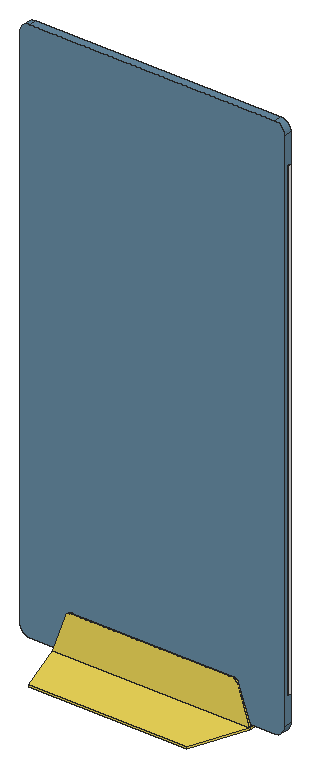
Revit family "DBLTD_TheSenatorGroup_PrvcyScrnSym_Play_FreeStanding", category Furniture, Revit 2018
Family settings
  OmniClass Number = 23.40.20.00
  OmniClass Title = General Furniture and Specialties
  Work Plane-Based = No
  Always vertical = Yes
  Cut with Voids When Loaded = No
  Shared = Yes
  Room Calculation Point = No
Parameters (values of type "Rectangular Screen 680mm(w) x 300mm(d) x 1400mm(h)")
  WarrantyStartDate [instance] = "1900-12-31T23:59:59"
  WarrantyGuarantorParts = "15"
  WarrantyGuarantorLabor = "15"
  WarrantyDurationUnit = "Years"
  WarrantyDurationParts = "15"
  WarrantyDurationLabor = "15"
  WarrantyDescription = "Senator warrants that its manufactured products are free from manufacturing defects - in materials or workmanship - for a period of ten (10) years on Senator Seating ranges; and fifteen (15) years on Senator Desking ranges"
  Version = "1"  # constant formula
  Uniclass2015Version = "Products v1.9"
  Uniclass2015Title = "Privacy screens"
  Uniclass2015Code = "Pr_40_30_20_65"
  URL = "https://www.thesenatorgroup.com/"
  Type Comments = ""
  TagNumber [instance] = "n/a"
  SustainabilityPerformance = "n/a"
  Style = "n/a"
  Status [instance] = "New"
  Size = "L 300mm x  W 680mm x  H 1400mm"
  Shape = "Rectangular"
  SerialNumber [instance] = "n/a"
  ScreenUpholstery [instance] = CamiraFabrics_TxtlRllCvrngs_Blazer_Vassar_CUZ2U
  ScreenType = NESTED_DBLTD_TheSenatorGroup_PrvcyScrnSym_Play_FreeStanding_Rectangular : NESTED_DBLTD_TheSenatorGroup_PrvcyScrnSym_Play_FreeStanding_Rectangular
  Revision = "n/a"
  ReplacementCost = "0"
  Reference = "n/a"
  ProductInformation = "https://www.thesenatorgroup.com/"
  NominalWidth = 680 mm
  NominalLength = NominalWidth  # 680 mm
  NominalHeight = 1400 mm
  NominalDepth = 300 mm
  Name = "PrivacyScreens_Play_Pods_TheSenatorGroup"  # constant formula
  NBSReference = "45-35-25/320"
  NBSDescription = "Freestanding Screens"
  NBSCertification = ""
  ModelReference = "680mm(w) x300mm(d) x 1400mm(h)"
  ModelNumber = "PYPFSR0714"
  Model = ModelNumber  # "PYPFSR0714"
  Material = "Upholstery"
  ManufacturerURL = "https://www.thesenatorgroup.com/"
  ManufacturerName = "The Senator Group"
  Manufacturer = "The Senator Group"
  MainColor = "n/a"
  Keynote = "Pr_40_30_20_65"
  IsBuiltIn = no
  IntegralAccessories = "n/a"
  InstallationDate [instance] = "1900-12-31T23:59:59"
  IfcExportType = "Screen"  # constant formula
  IfcExportAs = "IfcFurnitureTypeEnum"  # constant formula
  Grade = "n/a"
  FramesColour = "Black, White, Totally Orange, Traffic Yellow, Anthracite, Pistachio"
  FrameMaterial [instance] = TheSenatorGroup_Play_MetalFrame_TrafficYellow
  Finish = "Upholstery"
  Features = "Privacy Screen"
  ExpectedLife = "15"
  EdgeTrimMaterial [instance] = TheSenatorGroup_Play_MetalFrame_White
  DurationUnit = "Years"
  DimensionsPlanSize = "680 mm x 300 mm"
  DimensionsHeight = "1400"
  Description = "Rectangular Screen 680 mm x 1400 mm Screen"
  Cost = 0
  Constituents = "n/a"
  Color = "n/a"
  CodePerformance = "n/a"
  Category = "Pr_40_30_20_65:Privacy screens"
  BarCode [instance] = "n/a"
  Author = "Diane Butterworth Ltd"  # constant formula
  AssetType = "Movable"
  AssetIdentifier [instance] = "n/a"
  Assembly Code = "E2020200"
  AccessibilityPerformance = "n/a"
Types (13, lengths in mm): name | Size | ScreenType | NominalWidth | NominalLength | NominalHeight | ModelReference | ModelNumber | Model | DimensionsPlanSize | DimensionsHeight | Description
  (no name) | "L 300mm x  W 680mm x  H 1400mm" | NESTED_DBLTD_TheSenatorGroup_PrvcyScrnSym_Play_FreeStanding_Rectangular : NESTED_DBLTD_TheSenatorGroup_PrvcyScrnSym_Play_FreeStanding_Rectangular | 680 | 680 | 1400 | "680mm(w) x300mm(d) x 1400mm(h)" | "PYPFSR0714" | "PYPFSR0714" | "680 mm x 300 mm" | "1400" | "Rectangular Screen 680 mm x 1400 mm Screen"
  Rectangular Screen 680mm(w) x 300mm(d) x 1400mm(h) | "L 300mm x  W 680mm x  H 1400mm" | NESTED_DBLTD_TheSenatorGroup_PrvcyScrnSym_Play_FreeStanding_Rectangular : NESTED_DBLTD_TheSenatorGroup_PrvcyScrnSym_Play_FreeStanding_Rectangular | 680 | 680 | 1400 | "680mm(w) x300mm(d) x 1400mm(h)" | "PYPFSR0714" | "PYPFSR0714" | "680 mm x 300 mm" | "1400" | "Rectangular Screen 680 mm x 1400 mm Screen"
  Rectangular Screen 680mm(w) x 300mm(d) x 1800mm(h) | "L 300mm x  W 680mm x  H 1800mm" | NESTED_DBLTD_TheSenatorGroup_PrvcyScrnSym_Play_FreeStanding_Rectangular : NESTED_DBLTD_TheSenatorGroup_PrvcyScrnSym_Play_FreeStanding_Rectangular | 680 | 680 | 1800 | "680mm(w) x300mm(d) x 1800mm(h)" | "PYPFSR0718" | "PYPFSR0718" | "680 mm x 300 mm" | "1800" | "Rectangular Screen 680 mm x 1800 mm Screen"
  Rectangular Screen 825mm(w) x 300mm(d) x 1800mm(h) | "L 300mm x  W 825mm x  H 1800mm" | NESTED_DBLTD_TheSenatorGroup_PrvcyScrnSym_Play_FreeStanding_Rectangular : NESTED_DBLTD_TheSenatorGroup_PrvcyScrnSym_Play_FreeStanding_Rectangular | 825 | 825 | 1800 | "825mm(w) x300mm(d) x 1800mm(h)" | "PYPFSR0818" | "PYPFSR0818" | "825 mm x 300 mm" | "1800" | "Rectangular Screen 825 mm x 1800 mm Screen"
  Rectangular Screen 825mm(w) x 300mm(d) x 1400mm(h) | "L 300mm x  W 825mm x  H 1400mm" | NESTED_DBLTD_TheSenatorGroup_PrvcyScrnSym_Play_FreeStanding_Rectangular : NESTED_DBLTD_TheSenatorGroup_PrvcyScrnSym_Play_FreeStanding_Rectangular | 825 | 825 | 1400 | "825mm(w) x300mm(d) x 1400mm(h)" | "PYPFSR0814" | "PYPFSR0814" | "825 mm x 300 mm" | "1400" | "Rectangular Screen 825 mm x 1400 mm Screen"
  Right Tapered Screen 825mm(w) x 300mm(d) x 1400mm(h) | "L 300mm x  W 825mm x  H 1400mm" | NESTED_DBLTD_TheSenatorGroup_PrvcyScrnSym_Play_FreeStanding_TaperedRight : NESTED_DBLTD_TheSenatorGroup_PrvcyScrnSym_Play_FreeStanding_TaperedRight | 825 | 825 | 1400 | "825mm(w) x300mm(d) x 1400mm(h)" | "PYPFST0814R" | "PYPFST0814R" | "825 mm x 300 mm" | "1400" | "Right Tapered Screen 825 mm x 1400 mm Screen"
  Right Tapered Screen 825mm(w) x 300mm(d) x 1800mm(h) | "L 300mm x  W 825mm x  H 1800mm" | NESTED_DBLTD_TheSenatorGroup_PrvcyScrnSym_Play_FreeStanding_TaperedRight : NESTED_DBLTD_TheSenatorGroup_PrvcyScrnSym_Play_FreeStanding_TaperedRight | 825 | 825 | 1800 | "825mm(w) x300mm(d) x 1800mm(h)" | "PYPFST0818R" | "PYPFST0818R" | "825 mm x 300 mm" | "1400" | "Right Tapered Screen 825 mm x 1800 mm Screen"
  Right Tapered Screen 680mm(w) x 300mm(d) x 1800mm(h) | "L 300mm x  W 680mm x  H 1800mm" | NESTED_DBLTD_TheSenatorGroup_PrvcyScrnSym_Play_FreeStanding_TaperedRight : NESTED_DBLTD_TheSenatorGroup_PrvcyScrnSym_Play_FreeStanding_TaperedRight | 680 | 680 | 1800 | "680mm(w) x300mm(d) x 1800mm(h)" | "PYPFST0618R" | "PYPFST0618R" | "680 mm x 300 mm" | "1400" | "Right Tapered Screen 680 mm x 1800 mm Screen"
  Right Tapered Screen 680mm(w) x 300mm(d) x 1400mm(h) | "L 300mm x  W 680mm x  H 1400mm" | NESTED_DBLTD_TheSenatorGroup_PrvcyScrnSym_Play_FreeStanding_TaperedRight : NESTED_DBLTD_TheSenatorGroup_PrvcyScrnSym_Play_FreeStanding_TaperedRight | 680 | 680 | 1400 | "680mm(w) x300mm(d) x 1400mm(h)" | "PYPFST0614R" | "PYPFST0614R" | "680 mm x 300 mm" | "1400" | "Right Tapered Screen 680 mm x 1400 mm Screen"
  Left Tapered Screen 680mm(w) x 300mm(d) x 1400mm(h) | "L 300mm x  W 680mm x  H 1400mm" | NESTED_DBLTD_TheSenatorGroup_PrvcyScrnSym_Play_FreeStanding_TaperedLeft : NESTED_DBLTD_TheSenatorGroup_PrvcyScrnSym_Play_FreeStanding_TaperedLeft | 680 | 680 | 1400 | "680mm(w) x300mm(d) x 1400mm(h)" | "PYPFST0614L" | "PYPFST0614L" | "680 mm x 300 mm" | "1400" | "Left Tapered Screen 680 mm x 1400 mm Screen"
  Left Tapered Screen 680mm(w) x 300mm(d) x 1800mm(h) | "L 300mm x  W 680mm x  H 1800mm" | NESTED_DBLTD_TheSenatorGroup_PrvcyScrnSym_Play_FreeStanding_TaperedLeft : NESTED_DBLTD_TheSenatorGroup_PrvcyScrnSym_Play_FreeStanding_TaperedLeft | 680 | 680 | 1800 | "680mm(w) x300mm(d) x 1800mm(h)" | "PYPFST0618L" | "PYPFST0618L" | "680 mm x 300 mm" | "1400" | "Left Tapered Screen 680 mm x 1800 mm Screen"
  Left Tapered Screen 825mm(w) x 300mm(d) x 1400mm(h) | "L 300mm x  W 825mm x  H 1400mm" | NESTED_DBLTD_TheSenatorGroup_PrvcyScrnSym_Play_FreeStanding_TaperedLeft : NESTED_DBLTD_TheSenatorGroup_PrvcyScrnSym_Play_FreeStanding_TaperedLeft | 825 | 825 | 1400 | "825mm(w) x300mm(d) x 1400mm(h)" | "PYPFST0814L" | "PYPFST0814L" | "825 mm x 300 mm" | "1400" | "Left Tapered Screen 825 mm x 1400 mm Screen"
  Left Tapered Screen 825mm(w) x 300mm(d) x 1800mm(h) | "L 300mm x  W 825mm x  H 1800mm" | NESTED_DBLTD_TheSenatorGroup_PrvcyScrnSym_Play_FreeStanding_TaperedLeft : NESTED_DBLTD_TheSenatorGroup_PrvcyScrnSym_Play_FreeStanding_TaperedLeft | 825 | 825 | 1800 | "825mm(w) x300mm(d) x 1800mm(h)" | "PYPFST0818L" | "PYPFST0818L" | "825 mm x 300 mm" | "1400" | "Left Tapered Screen 825 mm x 1800 mm Screen"
Reference planes
  plane 1 "Center (Front/Back)": y = 0
  plane 2: z = 0
  plane 3 "Center (Left/Right)": x = 0
  plane 4: z = 1400
  plane 5: x = 340
  plane 6: x = -340
  plane 7: y = -150
  plane 8: y = 150
Forms (mm)
  Extrusion 1, solid, material "TheSenatorGroup_Play_MetalFrame_TrafficYellow" <- "FrameMaterial"
    sketch origin (0, 0, 0) x (1, 0, 0) y (0, 0, -1)
      loop
        arc (203.1, -103) -> (211.704, -100.287) -> (217.195, -93.13) r 15
        line (217.195, -93.13) -> (250, -3) -> (-250, -3) -> (-217.195, -93.13)
        arc (-217.195, -93.13) -> (-211.704, -100.287) -> (-203.1, -103) r 15
        line (-203.1, -103) -> (203.1, -103)
    from 9 to 12
  Extrusion 2, solid, material "TheSenatorGroup_Play_MetalFrame_TrafficYellow" <- "FrameMaterial"
    sketch origin (0, 0, 0) x (1, 0, 0) y (0, 1, 0)
      loop
        line (-199.772, 150) -> (-250, 12) -> (-250, -12) -> (-199.772, -150) -> (199.772, -150) -> (250, -12) -> (250, 12) -> (199.772, 150) -> (-199.772, 150)
    from 0 to 3
  Extrusion 3, solid, material "TheSenatorGroup_Play_MetalFrame_TrafficYellow" <- "FrameMaterial"
    sketch origin (0, -21, 0) x (1, 0, 0) y (0, 0, -1)
      loop
        arc (203.1, -103) -> (211.704, -100.287) -> (217.195, -93.13) r 15
        line (217.195, -93.13) -> (250, -3) -> (-250, -3) -> (-217.195, -93.13)
        arc (-217.195, -93.13) -> (-211.704, -100.287) -> (-203.1, -103) r 15
        line (-203.1, -103) -> (203.1, -103)
    from 9 to 12
Dimensions and locks
  "NominalHeight": plane 4 to plane 2
  equal spacing: plane 6, plane 3 "Center (Left/Right)", plane 5
  "NominalWidth": plane 6 to plane 5
  "NominalDepth": plane 8 to plane 7
  equal spacing: plane 7, plane 1 "Center (Front/Back)", plane 8
  aligned and locked: level to plane 2
  aligned and locked: plane 3 "Center (Left/Right)" to nested 1
Automatic sketch dimensions
  level to Extrusion 1 sketch curve = 3 mm
  plane 6 to Extrusion 1 sketch curve = 90 mm
  Extrusion 1 sketch curve to Extrusion 1 sketch curve = 32.805 mm
  Extrusion 1 sketch curve to Extrusion 1 sketch curve = 14.095 mm  (x2)
  Extrusion 1 sketch curve to plane 5 = 136.9 mm
  Extrusion 1 sketch curve to plane 5 = 90 mm
  level to Extrusion 1 sketch curve = 88 mm  (x2)
  Extrusion 1 sketch curve to Extrusion 1 sketch curve = 5.13 mm
  plane 1 "Center (Front/Back)" to Extrusion 2 sketch curve = 12 mm  (x2)
  plane 6 to Extrusion 2 sketch curve = 90 mm
  plane 6 to Extrusion 2 sketch curve = 140.228 mm  (x2)
  Extrusion 2 sketch curve to plane 5 = 140.228 mm  (x2)
  Extrusion 2 sketch curve to plane 1 "Center (Front/Back)" = 12 mm  (x2)
  Extrusion 2 sketch curve to plane 5 = 90 mm
  Extrusion 2 sketch curve to Extrusion 2 sketch curve = 138 mm  (x2)
  level to Extrusion 3 sketch curve = 3 mm
  plane 6 to Extrusion 3 sketch curve = 90 mm
  Extrusion 3 sketch curve to Extrusion 3 sketch curve = 32.805 mm
  Extrusion 3 sketch curve to Extrusion 3 sketch curve = 14.095 mm  (x2)
  Extrusion 3 sketch curve to plane 5 = 136.9 mm
  Extrusion 3 sketch curve to plane 5 = 90 mm
  level to Extrusion 3 sketch curve = 88 mm  (x2)
  Extrusion 3 sketch curve to Extrusion 3 sketch curve = 5.13 mm
Nested families
  nested 1: "NESTED_DBLTD_TheSenatorGroup_PrvcyScrnSym_Play_FreeStanding_Rectangular" at (0, 0, 0), EdgeTrimMaterial <- "EdgeTrimMaterial", ScreenPanelMaterial <- "ScreenUpholstery", NominalWidth <- "NominalWidth", NominalHeight <- "NominalHeight", type <- "ScreenType", type "NESTED_DBLTD_TheSenatorGroup_PrvcyScrnSym_Play_FreeStanding_Rectangular"
    with ScreenPanelMaterial CamiraFabrics_TxtlRllCvrngs_Blazer_Vassar_CUZ2U, NominalWidth 680 mm, NominalHeight 1400 mm, EdgeTrimMaterial TheSenatorGroup_Play_MetalFrame_White
Definition of nested family "NESTED_DBLTD_TheSenatorGroup_PrvcyScrnSym_Play_FreeStanding_Rectangular"
  Parameters (values of type "NESTED_DBLTD_TheSenatorGroup_PrvcyScrnSym_Play_FreeStanding_Rectangular")
    ScreenPanelMaterial [instance] = none
    NominalWidth [instance] = 825 mm
    NominalHeight [instance] = 1800 mm
    EdgeTrimMaterial [instance] = none
  Reference planes
    plane 1 "Center (Front/Back)": y = 0
    plane 2: z = 0
    plane 3 "Center (Left/Right)": x = 0
    plane 4: x = 412.5
    plane 5: x = -412.5
    plane 6: z = 1800
  Forms (mm)
    Extrusion 1, solid, material <- "ScreenPanelMaterial"
      sketch origin (0, 0, 0) x (1, 0, 0) y (0, 0, 1)
        loop
          arc (-382.524, 1800) -> (-400.202, 1792.678) -> (-407.524, 1775) r 25
          line (-407.524, 1775) -> (-407.524, 35)
          arc (-407.524, 35) -> (-400.202, 17.322) -> (-382.524, 10) r 25
          line (-382.524, 10) -> (382.524, 10)
          arc (382.524, 10) -> (400.202, 17.322) -> (407.524, 35) r 25
          line (407.524, 35) -> (407.524, 1775)
          arc (407.524, 1775) -> (400.202, 1792.678) -> (382.524, 1800) r 25
          line (382.524, 1800) -> (-382.524, 1800)
      from -9 to 9
    Extrusion 2, solid, material <- "EdgeTrimMaterial"
      sketch origin (0, 0, 0) x (1, 0, 0) y (0, 0, 1)
        loop
          line (-412.5, 1305.17) -> (-412.5, 105.17) -> (-407.524, 105.17) -> (-407.524, 1305.17) -> (-412.5, 1305.17)
        loop
          line (412.5, 1305.17) -> (407.524, 1305.17) -> (407.524, 105.17) -> (412.5, 105.17) -> (412.5, 1305.17)
      from -3 to 3
  Dimensions and locks
    equal spacing: plane 5, plane 3 "Center (Left/Right)", plane 4
    "NominalWidth": plane 5 to plane 4
    "NominalHeight": plane 6 to level
    locked: Extrusion 2 to level at 1305.17  (x2)
    aligned and locked: level to plane 2
  Automatic sketch dimensions
    Extrusion 1 sketch curve to plane 6 = 0 mm
    plane 5 to Extrusion 1 sketch curve = 4.976 mm
    level to Extrusion 1 sketch curve = 10 mm
    plane 5 to Extrusion 1 sketch curve = 29.976 mm
    Extrusion 1 sketch curve to plane 4 = 29.976 mm  (x2)
    Extrusion 1 sketch curve to plane 4 = 4.976 mm
    Extrusion 1 sketch curve to plane 6 = 25 mm
    Extrusion 2 sketch curve to plane 5 = 0 mm
    Extrusion 2 sketch curve to plane 4 = 0 mm
    plane 5 to Extrusion 2 sketch curve = 4.976 mm
    Extrusion 2 sketch curve to plane 4 = 4.976 mm
    level to Extrusion 2 sketch curve = 105.17 mm  (x2)
    Extrusion 2 sketch curve to plane 6 = 494.83 mm  (x2)
